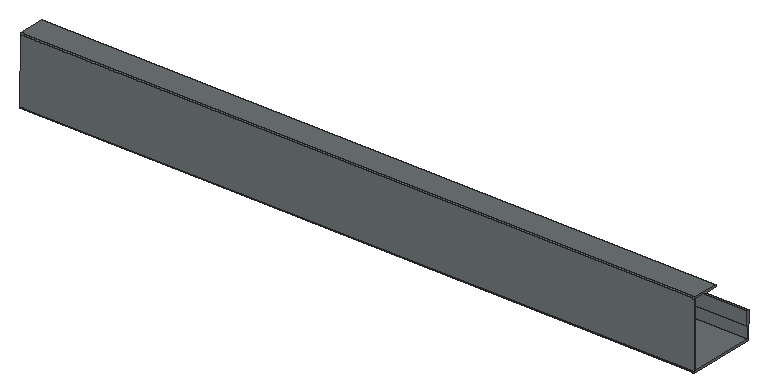
Revit family "BIMLIB_ПланкаУглаВнутреннегоСоставнаяНижняя_GRANDLINE", category Обобщенные модели, Revit 2017
Family settings
  Может служить основой для арматурных стержней = Нет
  Размер круглого соединителя = Использовать диаметр
  Тип детали = Нормальный
  При загрузке вырезать с полостями = Нет
  Общий = Нет
  Точка расчета площади = Нет
Parameters (values of type "Планка угла внутреннего составная нижняя")
  Смещение от плоскости [instance] = 0 mm
  Описание = ADSK_Наименование  # "Планка угла внутеннего составная нижняя"
  Изготовитель = "Grand Line"  # constant formula
  built-in parameter 1001306 [instance] = 500 mm
  Watermark [instance] = "Модели защищены уникальным кодом"
  URL = "https://www.grandline.ru"
  BL_Разработано = "support@bimlib.pro"
  BL_Email = "info@grandline.ru"
  BL_BIM library = "https://bimlib.pro/manufacturer/company/22430"
  ADSK_Размер_Длина [instance] = [built-in parameter 1001306]  # 500 mm
  ADSK_Обозначение = "ГОСТ 19904-90, ГОСТ 14918-80"
  ADSK_Наименование = "Планка угла внутеннего составная нижняя"
  ADSK_Материал тип подсчета = 1  # constant formula
  ADSK_Материал = GL_Drap_RAL7016
  ADSK_Масса_Текст [instance] = ""
  ADSK_Масса [instance] = 0
  ADSK_Марка = ""
  ADSK_Количество [instance] = if(ADSK_Материал тип подсчета = 0, 1, if(ADSK_Материал тип подсчета = 1, ADSK_Размер_Длина / 1000 mm, 0))  # 0.5
  ADSK_Код изделия = "M12.108.03"  # constant formula
  ADSK_Завод-изготовитель = "Grand Line"  # constant formula
  ADSK_Единица измерения = "м"  # constant formula
  ADSK_Группирование = "Доборные элементы"  # constant formula
  ADSK_Версия Revit = "2017"  # constant formula
  ADSK_URL страницы изделия = "https://www.grandline.ru/katalog/fasad/dobornye-elementy-fasada/dobornye-elementy-blok-khaus-ekobrus/planka-ugla-vnutrennego-sostavnaya-nizhnyaya/"
  ADSK_URL документации изделия = "https://www.grandline.ru/uploads/files/chertezhi_vse/dobornye_elementy/de_saiyding_fasad/Planka-ugla-vnutrennego-sostavnaa-niznaa.jpg"
Reference planes
  plane 1 "По центру (Вперед/Назад)": y = 0
  plane 2: z = 0
  plane 3 "Слева": x = 0
  plane 4 "Справа": x = 500
Forms (mm)
  Sweep 1, solid, material "GL_Drap_RAL7016" <- "ADSK_Материал"
    path in 3D
      loop
        line (0, 0, 0) -> (500, 0, 0)
    profile "Профиль_ПланкаУглаВнутреннегоСоставнаяНижняя : Профиль" origin (250, 0, 0) x (0, 1, 0) y (0, 0, 1)
      loop
        line (0.814, 0) -> (49.191, 0)
        arc (49.191, 0) -> (49.763, 0.237) -> (50, 0.809) r 0.809
        line (50, 0.809) -> (50, 20) -> (48.4, 20) -> (48.4, 10) -> (49.2, 10) -> (49.2, 0.8) -> (0.8, 0.8) -> (0.8, 49.2) -> (10, 49.2) -> (10, 48.4) -> (20, 48.4) -> (20, 50) -> (0.801, 50)
        arc (0.801, 50) -> (0.235, 49.765) -> (0, 49.199) r 0.801
        line (0, 49.199) -> (0, 0.814)
        arc (0, 0.814) -> (0.238, 0.238) -> (0.814, 0) r 0.814
Lines and regions (mm)
  reference lines
    curve 1: line (0, 0, 0) -> (500, 0, 0)
  sketch lines
    curve 2: line (0, 0, 0) -> (500, 0, 0)
Dimensions and locks
  "built-in parameter 1001306": plane 3 "Слева" to plane 4 "Справа"
  aligned and locked: plane 4 "Справа" to curve 1
  aligned and locked: plane 1 "По центру (Вперед/Назад)" to curve 1
  aligned and locked: plane 3 "Слева" to curve 1
  aligned and locked: level to plane 2
